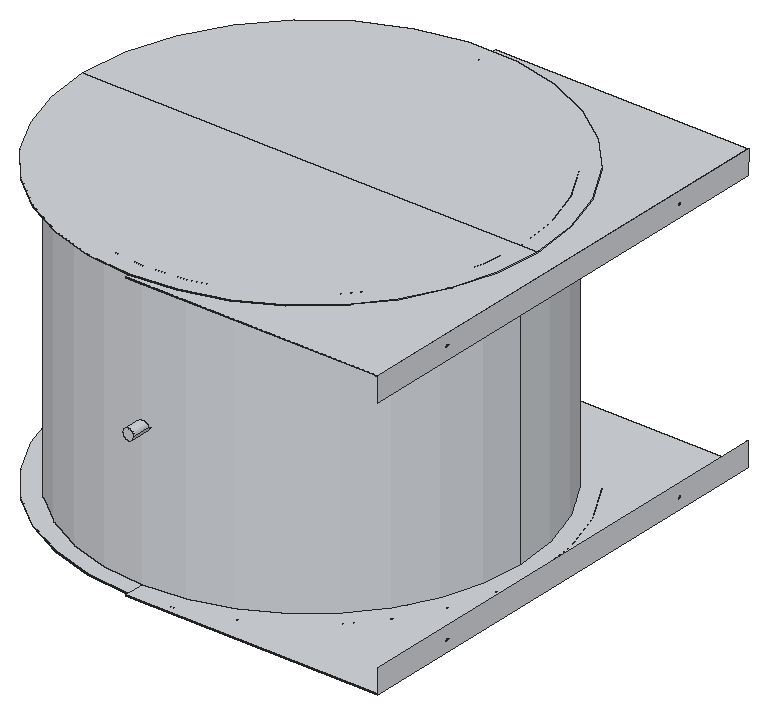
Revit family "AVAD_Vertical_Wall_Mount", category Mechanical Equipment, Revit 2019
Family settings
  Round Connector Dimension = Use Radius
  Part Type = Normal
  Work Plane-Based = No
  Always vertical = Yes
  Cut with Voids When Loaded = No
  Shared = No
  Room Calculation Point = No
Parameters (values of type "79_AVAD_VERT_WALL")
  Unit Weight [instance] = ""
  P/2 = P / 2  # 0' - 0 3/8"
  P = 0' - 0 3/4"
  N = 2' - 3 3/8"
  ModelID [instance] = ""
  M/2 = M / 2  # 3' - 7 1/2"
  M = 7' - 3"
  L-.125" = L - 0' 0 1/8"  # 3' - 11 3/8"
  K+K = K + K  # 0' - 4 1/2"
  K = 0' - 2 1/4"
  J/2 = J / 2  # 2' - 0 3/4"
  J = 4' - 1 1/2"
  L-(C/2) = L - (C / 2)  # 0' - 6 1/16"
  L = 3' - 11 1/2"
  H-(A/2) = H - (A / 2)  # 3' - 1 1/4"
  H+L = H + L  # 10' - 4 1/8"
  H = 6' - 4 5/8"
  Sones [instance] = ""
  Motor RPM [instance] = ""
  Motor Enclosure [instance] = ""
  LwA [instance] = ""
  G = 16' - 0"
  Fan RPM [instance] = ""
  F/2 = F / 2  # 0' - 0 11/32"
  F = 0' - 0 11/16"
  E/2 = E / 2  # 2' - 3"
  E-2" = E - 0' 2"  # 4' - 4"
  E = 4' - 6"
  C/2+L = C / 2 + L  # 7' - 4 15/16"
  C/2 = C / 2  # 3' - 5 7/16"
  C = 6' - 10 7/8"
  B/2 = B / 2  # 3' - 6 25/32"
  B = 7' - 1 9/16"
  Accessories [instance] = ""
  A/3 = A / 2.5  # 2' - 7 1/2"
  A/2 = A / 2  # 3' - 3 3/8"
  A = 6' - 6 3/4"
  60 = 60.00°  # constant formula
  30 = 30.00°  # constant formula
  3" = 0' - 3"  # constant formula
  Brake Hp [instance] = ""
  4" = 0' - 4"  # constant formula
  2' = 2' - 0"
  2" = 0' - 2"  # constant formula
  1" = 0' - 1"  # constant formula
  0 = 0' - 0"  # constant formula
  Voltage [instance] = 0 V
  URL = "www.lorencook.com"
  Type Comments = "Adjustable Pitch Vane Axial Vertical Wall Mount Direct Drive Arrangement 4"  # constant formula
  Static Pressure [instance] = 0.00 in-wg
  Power [instance] = Voltage * Motor FLA * sqrt(if(Phase = 3, 3, 1))  # 0 VA
  Phase [instance] = 0
  Number of Poles [instance] = 1
  Motor Hp [instance] = "0"
  Motor FLA [instance] = 0 A
  Model = "AVAD"  # constant formula
  Manufacturer = "Loren Cook Company"
  CFM [instance] = 0 CFM
  1.5 = 0' - 1 1/2"  # constant formula
  ONE EIGTH = 0' - 0 1/8"  # constant formula
  -E/2 = -E / 2  # -2' - 3"
  -(E/2)+2" = -(E / 2) + 0' 2"  # -2' - 1"
  -(E-.25")/2 = -(E - 0' 0 1/4") / 2  # -2' - 2 7/8"
  (H-(A/2))/2 = (H - (A / 2)) / 2  # 1' - 6 5/8"
  (E/2)-2" = (E / 2) - 0' 2"  # 2' - 1"
  (E-.25")/2 = (E - 0' 0 1/4") / 2  # 2' - 2 7/8"
  (A+.25")/2 = (A + 0' 0 1/4") / 2  # 3' - 3 1/2"
Types (9): name | P/2 | P | N | M/2 | M | L-.125" | K+K | K | J/2 | J | L-(C/2) | L | H-(A/2) | H+L | H | G | F/2 | F | E/2 | E-2" | E | C/2+L | C/2 | C | B/2 | B | A/3 | A/2 | A | -E/2 | -(E/2)+2" | -(E-.25")/2 | (H-(A/2))/2 | (E/2)-2" | (E-.25")/2 | (A+.25")/2
  (no name) | 0' - 0 3/8" | 0' - 0 3/4" | 2' - 3 3/8" | 3' - 7 1/2" | 7' - 3" | 3' - 11 3/8" | 0' - 4 1/2" | 0' - 2 1/4" | 2' - 0 3/4" | 4' - 1 1/2" | 0' - 6 1/16" | 3' - 11 1/2" | 3' - 1 1/4" | 10' - 4 1/8" | 6' - 4 5/8" | 16' - 0" | 0' - 0 11/32" | 0' - 0 11/16" | 2' - 3" | 4' - 4" | 4' - 6" | 7' - 4 15/16" | 3' - 5 7/16" | 6' - 10 7/8" | 3' - 6 25/32" | 7' - 1 9/16" | 2' - 7 1/2" | 3' - 3 3/8" | 6' - 6 3/4" | -2' - 3" | -2' - 1" | -2' - 2 7/8" | 1' - 6 5/8" | 2' - 1" | 2' - 2 7/8" | 3' - 3 1/2"
  35_AVAD_VERT_WALL | 0' - 0 5/16" | 0' - 0 5/8" | 1' - 0" | 1' - 8 1/2" | 3' - 5" | 1' - 10 7/8" | 0' - 3 1/4" | 0' - 1 5/8" | 1' - 1 3/8" | 2' - 2 3/4" | 0' - 4" | 1' - 11" | 2' - 6 1/8" | 5' - 10 7/8" | 3' - 11 7/8" | 12' - 0" | 0' - 0 9/32" | 0' - 0 9/16" | 1' - 3" | 2' - 4" | 2' - 6" | 3' - 6" | 1' - 7" | 3' - 2" | 1' - 7 15/16" | 3' - 3 7/8" | 1' - 2.2" | 1' - 5 3/4" | 2' - 11 1/2" | -1' - 3" | -1' - 1" | -1' - 2 7/8" | 1' - 3 1/16" | 1' - 1" | 1' - 2 7/8" | 1' - 5 7/8"
  39_AVAD_VERT_WALL | 0' - 0 5/16" | 0' - 0 5/8" | 1' - 1 3/8" | 1' - 10 1/2" | 3' - 9" | 2' - 1 7/8" | 0' - 3 1/2" | 0' - 1 3/4" | 1' - 1 1/4" | 2' - 2 1/2" | 0' - 5 1/16" | 2' - 2" | 2' - 6 3/16" | 6' - 3 7/8" | 4' - 1 7/8" | 12' - 0" | 0' - 0 9/32" | 0' - 0 9/16" | 1' - 3" | 2' - 4" | 2' - 6" | 3' - 10 15/16" | 1' - 8 15/16" | 3' - 5 7/8" | 1' - 9 31/32" | 3' - 7 15/16" | 1' - 3 3/4" | 1' - 7 11/16" | 3' - 3 3/8" | -1' - 3" | -1' - 1" | -1' - 2 7/8" | 1' - 3 3/32" | 1' - 1" | 1' - 2 7/8" | 1' - 7 13/16"
  44_AVAD_VERT_WALL | 0' - 0 5/16" | 0' - 0 5/8" | 1' - 3 3/8" | 2' - 1 1/2" | 4' - 3" | 2' - 4 3/8" | 0' - 3 1/2" | 0' - 1 3/4" | 1' - 3 1/4" | 2' - 6 1/2" | 0' - 4 13/16" | 2' - 4 1/2" | 2' - 7 3/16" | 6' - 9 3/4" | 4' - 5 1/4" | 12' - 0" | 0' - 0 9/32" | 0' - 0 9/16" | 1' - 5" | 2' - 8" | 2' - 10" | 4' - 4 3/16" | 1' - 11 11/16" | 3' - 11 3/8" | 2' - 0 13/16" | 4' - 1 5/8" | 1' - 5.65" | 1' - 10 1/16" | 3' - 8 1/8" | -1' - 5" | -1' - 3" | -1' - 4 7/8" | 1' - 3 19/32" | 1' - 3" | 1' - 4 7/8" | 1' - 10 3/16"
  49_AVAD_VERT_WALL | 0' - 0 5/16" | 0' - 0 5/8" | 1' - 5" | 2' - 4" | 4' - 8" | 2' - 7 3/8" | 0' - 3 1/2" | 0' - 1 3/4" | 1' - 3 1/4" | 2' - 6 1/2" | 0' - 5 1/4" | 2' - 7 1/2" | 2' - 5 1/8" | 7' - 1 1/4" | 4' - 5 3/4" | 12' - 0" | 0' - 0 9/32" | 0' - 0 9/16" | 1' - 5" | 2' - 8" | 2' - 10" | 4' - 9 3/4" | 2' - 2 1/4" | 4' - 4 1/2" | 2' - 3 3/8" | 4' - 6 3/4" | 1' - 7.7" | 2' - 0 5/8" | 4' - 1 1/4" | -1' - 5" | -1' - 3" | -1' - 4 7/8" | 1' - 2 9/16" | 1' - 3" | 1' - 4 7/8" | 2' - 0 3/4"
  57_AVAD_VERT_WALL | 0' - 0 5/16" | 0' - 0 5/8" | 1' - 9" | 2' - 10" | 5' - 8" | 2' - 8 7/8" | 0' - 3 1/2" | 0' - 1 3/4" | 1' - 7 1/4" | 3' - 2 1/2" | 0' - 3 1/16" | 2' - 9" | 3' - 1 3/16" | 8' - 2 3/4" | 5' - 5 3/4" | 12' - 0" | 0' - 0 9/32" | 0' - 0 9/16" | 1' - 9" | 3' - 4" | 3' - 6" | 5' - 2 15/16" | 2' - 5 15/16" | 4' - 11 7/8" | 2' - 7 5/16" | 5' - 2 5/8" | 1' - 10.85" | 2' - 4 9/16" | 4' - 9 1/8" | -1' - 9" | -1' - 7" | -1' - 8 7/8" | 1' - 6 19/32" | 1' - 7" | 1' - 8 7/8" | 2' - 4 11/16"
  63_AVAD_VERT_WALL | 0' - 0 3/8" | 0' - 0 3/4" | 1' - 9 5/8" | 2' - 11" | 5' - 10" | 3' - 3 7/8" | 0' - 3 1/2" | 0' - 1 3/4" | 1' - 7 1/4" | 3' - 2 1/2" | 0' - 6 7/8" | 3' - 4" | 3' - 1 1/8" | 9' - 0 5/8" | 5' - 8 5/8" | 16' - 0" | 0' - 0 11/32" | 0' - 0 11/16" | 1' - 9" | 3' - 4" | 3' - 6" | 6' - 1 1/8" | 2' - 9 1/8" | 5' - 6 1/4" | 2' - 10 1/4" | 5' - 8 1/2" | 2' - 1.2" | 2' - 7 1/2" | 5' - 3" | -1' - 9" | -1' - 7" | -1' - 8 7/8" | 1' - 6 9/16" | 1' - 7" | 1' - 8 7/8" | 2' - 7 5/8"
  71_AVAD_VERT_WALL | 0' - 0 3/8" | 0' - 0 3/4" | 2' - 0 3/8" | 3' - 3 1/4" | 6' - 6 1/2" | 3' - 7 7/8" | 0' - 4 1/2" | 0' - 2 1/4" | 2' - 0 3/4" | 4' - 1 1/2" | 0' - 6 1/2" | 3' - 8" | 3' - 1 5/16" | 9' - 8 3/4" | 6' - 0 3/4" | 16' - 0" | 0' - 0 11/32" | 0' - 0 11/16" | 2' - 3" | 4' - 4" | 4' - 6" | 6' - 9 1/2" | 3' - 1 1/2" | 6' - 3" | 3' - 2 13/16" | 6' - 5 5/8" | 2' - 4.35" | 2' - 11 7/16" | 5' - 10 7/8" | -2' - 3" | -2' - 1" | -2' - 2 7/8" | 1' - 6 21/32" | 2' - 1" | 2' - 2 7/8" | 2' - 11 9/16"
  79_AVAD_VERT_WALL | 0' - 0 3/8" | 0' - 0 3/4" | 2' - 3 3/8" | 3' - 7 1/2" | 7' - 3" | 3' - 11 3/8" | 0' - 4 1/2" | 0' - 2 1/4" | 2' - 0 3/4" | 4' - 1 1/2" | 0' - 6 1/16" | 3' - 11 1/2" | 3' - 1 1/4" | 10' - 4 1/8" | 6' - 4 5/8" | 16' - 0" | 0' - 0 11/32" | 0' - 0 11/16" | 2' - 3" | 4' - 4" | 4' - 6" | 7' - 4 15/16" | 3' - 5 7/16" | 6' - 10 7/8" | 3' - 6 25/32" | 7' - 1 9/16" | 2' - 7 1/2" | 3' - 3 3/8" | 6' - 6 3/4" | -2' - 3" | -2' - 1" | -2' - 2 7/8" | 1' - 6 5/8" | 2' - 1" | 2' - 2 7/8" | 3' - 3 1/2"
Reference planes (in)
  plane 1 "Center (Front/Back)": y = 0
  plane 2: z = 0
  plane 3 "Center (Left/Right)": x = 0.40541
Forms (in)
  Revolve 1, solid
    sketch origin (0, 0, 0) x (1, 0, 0) y (0, 0, 1)
      loop
        line (0.40541, -27) -> (43.18666, -27) -> (43.18666, -26.875) -> (39.90541, -26.875) -> (39.90541, 26.875) -> (43.18666, 26.875) -> (43.18666, 27) -> (0.40541, 27) -> (0.40541, -27)
      axis (0.40541, 27) -> (0.40541, -27)
    angle from 0 to 360
  Extrusion 2, solid
    sketch origin (0.40541, 0, 0) x (0, 1, 0) y (0, 0, 1)
      loop
        line (-43.5, 26.875) -> (-43.5, 22.375) -> (43.5, 22.375) -> (43.5, 26.875) -> (-43.5, 26.875)
      loop
        line (43.5, -26.875) -> (43.5, -22.375) -> (-43.5, -22.375) -> (-43.5, -26.875) -> (43.5, -26.875)
    from 47.375 <- "L-.125"" to 47.5 <- "L"
  Extrusion 3, void
    sketch origin (0.40541, 0, 0) x (0, 1, 0) y (0, 0, 1)
      loop
        circle (27.375, 24.75) r 0.375
      loop
        circle (-27.375, 24.75) r 0.375
      loop
        circle (-27.375, -24.75) r 0.375
      loop
        circle (27.375, -24.75) r 0.375
    from 47.5 <- "L" to 47.375 <- "L-.125""
  Extrusion 4, solid
    sketch origin (0.40541, -43.5, 26.875) x (0, 1, 0) y (-1, 0, 0)
      loop
        line (87, -47.375) -> (87, 0) -> (83, 0)
        arc (83, 0) -> (43.5, -39.5) -> (4, 0) r 39.5
        line (4, 0) -> (0, 0) -> (0, -47.375) -> (87, -47.375)
    from 0 to -0.125
  Extrusion 5, solid
    sketch origin (0.40541, 43.5, -26.875) x (-1, 0, 0) y (0, 1, 0)
      loop
        line (0, -4) -> (0, 0) -> (-47.375, 0) -> (-47.375, -87) -> (0, -87) -> (0, -83)
        arc (0, -83) -> (-39.5, -43.5) -> (0, -4) r 39.5
    from 0 to -0.125
  Extrusion 6, solid
    sketch origin (0, 0, 0) x (1, 0, 0) y (0, 0, 1)
      loop
        circle (0.40541, 0) r 1
    from 0 to 42.78125 <- "B/2"
Cuts and joins
  Extrusion 3 cuts Extrusion 2
Dimensions and locks (in)
  "0": Revolve 1 sketch curve to plane 3 "Center (Left/Right)"  (x2)
  "E/2": Revolve 1 sketch curve to level  (x2)
  "(A+.25")/2": Revolve 1 sketch curve to Revolve 1 sketch curve
  "B/2": Revolve 1 sketch curve to Revolve 1 sketch curve  (x2)
  "ONE EIGTH": Revolve 1 sketch curve to Revolve 1 sketch curve  (x2)
  "M/2": Extrusion 2 sketch curve to plane 1 "Center (Front/Back)"  (x2)
  "M/2": plane 1 "Center (Front/Back)" to Extrusion 2 sketch curve  (x2)
  "K+K": Revolve 1 to Extrusion 2 sketch curve
  "K+K": Extrusion 2 sketch curve to Revolve 1
  "0": Extrusion 2 sketch curve to Revolve 1  (x2)
  "J/2": Extrusion 3 sketch curve to level  (x4)
  "N": plane 1 "Center (Front/Back)" to Extrusion 3 sketch curve  (x4)
  "0": Extrusion 4 sketch curve to plane 3 "Center (Left/Right)"
  "0": Extrusion 4 sketch curve to plane 1 "Center (Front/Back)"
  "0": cut or joined group of Extrusion 2, Extrusion 3 to Extrusion 4 sketch curve
  "0": Extrusion 4 sketch curve to cut or joined group of Extrusion 2, Extrusion 3  (x2)
  "0": Extrusion 5 sketch curve to plane 3 "Center (Left/Right)"
  "0": Extrusion 5 sketch curve to plane 1 "Center (Front/Back)"
  "0": Extrusion 5 sketch curve to Extrusion 4  (x3)
  "0": plane 3 "Center (Left/Right)" to Extrusion 6 sketch curve
  "0": level to Extrusion 6 sketch curve
  "P/2": radius of Extrusion 3 sketch curve  (x4)
  "(A+.25")/2": radius of Extrusion 4 sketch curve
  "(A+.25")/2": radius of Extrusion 5 sketch curve
  "1"": radius of Extrusion 6 sketch curve
Automatic sketch dimensions
  level to Revolve 1 sketch curve = 0' - 0 1/8"
  Revolve 1 sketch curve to level = 0' - 11 7/8"
  Extrusion 5 sketch curve to Extrusion 5 sketch curve = 0' - 0"
Connectors (in)
  hvac at (0.40541, 0, 27), driven by "A/2"
    settings: on Revolve 1, index 2, duct flow 0 CFM, flow factor 0, pres drop 0.00 in-wg, loss coef 0, conn angle 0.00°, conn width 12", conn height 12", conn diameter 78 3/4", duct sys type 29, conn prof type 0, flow config 0, flow direction 2, loss method 0, conn ref index -1, conn util no, is conn primary yes, conn desc ""
  hvac at (0.40541, 0, -26.875), driven by "A/2"
    settings: on Revolve 1, index 3, duct flow 0 CFM, flow factor 0, pres drop 0.00 in-wg, loss coef 0, conn angle 0.00°, conn width 12", conn height 12", conn diameter 78 3/4", duct sys type 29, conn prof type 0, flow config 0, flow direction 1, loss method 0, conn ref index -1, conn util no, is conn primary no, conn desc ""
  electrical at (0.40541, -42.78125, 0)
    settings: on Extrusion 6, index 4, voltage 0 V, apparent load 0 VA, apparent load phase1 0 VA, apparent load phase2 0 VA, apparent load phase3 0 VA, power factor 1, load classification "Other", number of poles 1, system type 30, power factor state 1, is connector primary yes, connector utility no, sub classification motor no, connector description ""
